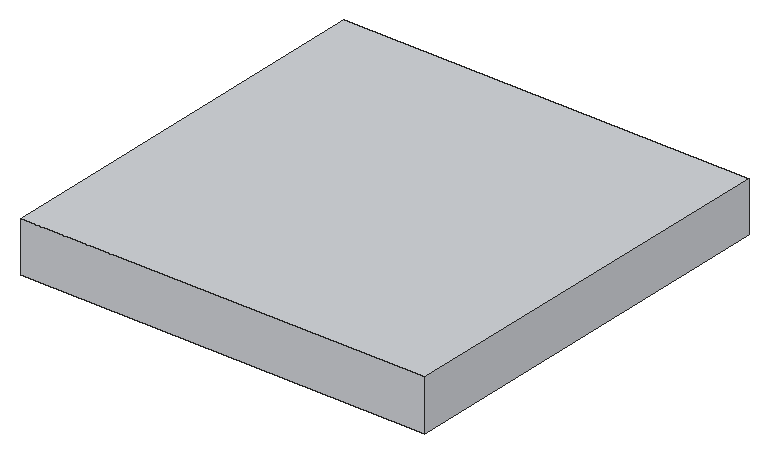
Revit family "Sanitary_Taps-Mixers_DELABIE_2641-Wall-mounted-sequential-mechanical", category Modèles génériques, Revit 2018
Family settings
  Hôte = Face
  Peut héberger une armature = Non
  Cote de connecteur circulaire = Utiliser le diamètre
  Type d'élément = Normal
  Couper avec des vides une fois chargée = Non
  Partagée = Non
  Point de calcul de pièce = Non
Parameters
  Default Elevation = 1219.2 mm
Reference planes
  plane 1 "Centre (avant/arrière)": y = 0
  plane 2: z = 0
  plane 3 "Centre (gauche/droite)": x = 0
Forms (mm)
  Extrusion 1, solid
    sketch origin (0, 0, 0) x (1, 0, 0) y (0, 1, 0)
      loop
        line (-1219.2, 1219.2) -> (-1219.2, -1219.2) -> (1219.2, -1219.2) -> (1219.2, 1219.2) -> (-1219.2, 1219.2)
    from 0 to -304.8
Dimensions and locks
  aligned and locked: plane 2 to Extrusion 1
  aligned and locked: level to Extrusion 1
Nested families
  nested 1: "Sanitary_Taps-Mixers_DELABIE_2641-Wall-mounted-sequential-mechanical" at (0, 0, 0), type "Default"
Definition of nested family "Sanitary_Taps-Mixers_DELABIE_2641-Wall-mounted-sequential-mechanical"
  Parameters (values of type "Default")
    Youtube clip = ""
    Uniformat II Description = ""
    Uniformat II Code = ""
    Uniclass 2015 Name = "Sanitary fittings and accessories"
    Uniclass 2015 Code = "Pr_40_20"
    Uniclass 2.0 Description = ""
    Uniclass 2.0 Code = ""
    Uniclass 1.4 Description = ""
    Uniclass 1.4 Code = ""
    UNSPSC Code = "301815"
    Technical description = "https://www.delabie.com/products/2641"
    Region South America = "AR, BO, BR, CL, CO, EC, FK, GF, GY, PE, PY, SR, UY, VE"
    Region Oceania = "AU, FJ, NC, NZ, PG, SB, TL, VU"
    Region North America = "BS, BZ, CA, CR, CU, DO, GL, GT, HN, HT, JM, MX, NI, PA, PR, SV, TT, US"
    Region Middle East = "AE, AF, EG, IL, IQ, IR, JO, KW, LB, OM, PS, QA, SA, SY, TR, YE"
    Region Europe = "AL, AT, BA, BE, BG, BY, CH, CY, CZ, DE, DK, EE, ES, FI, FR, GB, GR, HR, HU, IE, IS, IT, LT, LU, LV, MD, ME, MK, NL, NO, PL, PT, RO, RS, RU, SE, SI, SJ, SK, UA"
    Region Asia = "AM, AZ, BD, BN, BT, CN, GE, ID, IN, JP, KG, KH, KP, KR, KZ, LA, LK, MM, MN, MY, NP, PH, PK, TH, TJ, TM, TW, UZ, VN"
    Region Antarctica = "TF"
    Region Africa = "AO, BF, BI, BJ, BW, CD, CF, CG, CI, CM, DJ, DZ, EH, ER, ET, GA, GH, GM, GN, GQ, GW, KE, LR, LS, LY, MA, MG, ML, MR, MW, MZ, NA, NE, NG, RW, SD, SL, SN, SO, SS, SZ, TD, TG, TN, TZ, UG, ZA, ZM, ZW"
    QR code = "http://bimobject.com/delabie/product/2641"
    Product url = "https://www.delabie.com/products/2641"
    Product name = "2641 Wall mounted sequential mechanical mixer"
    Product group = "Basin mixer"
    Product family = "Sanitary"
    Product data url = "https://bimobject.com/delabie/product/2641"
    Product certification = "https://www.delabie.com/products/2641"
    Product SKU = "2641"
    Product Guid = "840afa1a-89e6-4d47-b0ea-cc41c1040514"
    OmniClass Description = "Faucets"
    OmniClass Code = "23-31 11 00"
    NBS Reference Description = ""
    NBS Reference Code = ""
    Material secondary = ""
    Material main = "Brass"
    Masterformat 2014 Description = ""
    Masterformat 2014 Code = ""
    Manufacturer name = "DELABIE"
    Manufacturer country = ""
    Installation instructions = "https://www.delabie.com/products/2641"
    IFC Classification = "Sanitary Terminal"
    GTIN code = "https://3456330183420"
    Edition number = 1
    Design country = "France"
    Date of publishing = ""
    COBIe Type Category = ""
    Brand url = "http://www.delabie.com"
    BOS_1_Visibility = yes
    BOS_1_Material = none
    BOS_0_Visibility = yes
    BOS_0_Material = none
    BIMobject main category code = "sanitary"
    BIMobject main category = "Sanitary"
    BIMobject category code = "sanitary-taps-mixers"
    BIMobject category = "Taps & Mixers"
  Reference planes
    plane 1 "Center (Front/Back)": y = 0
    plane 2: z = 0
    plane 3 "Center (Left/Right)": x = 0
  Dimensions and locks
    aligned and locked: level to plane 2
  Imported bodies without a history: 1
  Connectors
    piping at (-75, 0, 0), diameter 20.5
      settings: on free form element, index 1, connector inside diameter 609.6 mm, connector length 0 mm, flow factor 0, pipe flow 0.0 L/s, pressure drop 0.0 Pa, fitting loss kfactor 0, connector angle 0.00°, fixture units 0, engagement length 0 mm, angle of deflection 0.00°, flow configuration 0, flow direction 0, fitting loss method 0, system type 19, joint type 0, gender type 0, connector reference index -1, connector utility 0, adjustable connector no, is connector primary yes, connector description ""
    piping at (75, 0, 0), diameter 20.5
      settings: on free form element, index 2, connector inside diameter 609.6 mm, connector length 0 mm, flow factor 0, pipe flow 0.0 L/s, pressure drop 0.0 Pa, fitting loss kfactor 0, connector angle 0.00°, fixture units 0, engagement length 0 mm, angle of deflection 0.00°, flow configuration 0, flow direction 0, fitting loss method 0, system type 20, joint type 0, gender type 0, connector reference index -1, connector utility 0, adjustable connector no, is connector primary no, connector description ""
